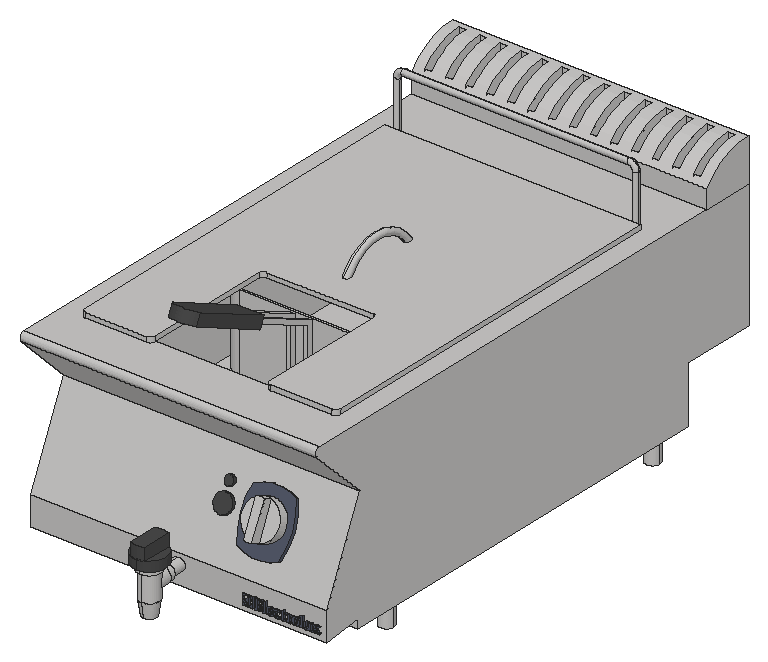
Revit family "QF_ELECTROLUXPROFESSIONAL_371075_E7FRED1B00", category Specialty Equipment, Revit 2018
Family settings
  Round Connector Dimension = Use Diameter
  Part Type = Normal
  Work Plane-Based = No
  Always vertical = Yes
  Cut with Voids When Loaded = No
  Shared = No
  Room Calculation Point = No
Parameters
  Width = 400 mm  # constant formula
  Weight in Pounds = 66  # constant formula
  Watts = 5400 VA  # 5400 W
  Volts = 400 V  # constant formula
  URL Cutsheet = "www.electrolux.com/foodservice"
  URL = "www.electrolux.com/foodservice"
  Type Mark [instance] = ""
  Status [instance] = ""
  Specification by User [instance] = ""
  Specification by Manufacturer = ""
  Show Logo [instance] = yes
  Show Clearance [instance] = yes
  Serial Number = ""
  Seismic Rating = ""
  SMACNA No = ""
  Revision Code [instance] = ""
  Phase = 3  # constant formula
  Omniclass Number and Title = ""
  Number of Poles [instance] = 1
  NAFEM Spec ID Number = ""
  Model = "371075"
  Min Ckt Ampacity = 0 A
  Max Overcurrent Protection = 0 A
  Masterspec = ""
  Manufacturer = "ELECTROLUX"
  Item Number [instance] = ""
  Installed By [instance] = ""
  Identify Quantity as Lot [instance] = yes
  Height = 333 mm  # constant formula
  HP = "7.2 HP"
  Furnished By [instance] = ""
  Foodservice Equipment Identifier [instance] = yes
  FL Amps = if(Phase = 3, Watts / (Volts * 1.73), Watts / Volts)  # 7.80347 A
  Electrical Remarks [instance] = "400 V/3N ph/50/60 Hz"  # constant formula
  Electric Connection Type [instance] = ""
  Elec Conn RI Height [instance] = 0 mm
  Elec Conn Connection Height [instance] = 0 mm
  Direct Waste Size = 0"
  Description = "700XP One 7 Lt. Well Electric Fryer Top - 400V"
  Depth = 730 mm  # constant formula
  Cycle = if([60 Hertz Option], 60 Hz, 50 Hz)  # 60 Hz
  Conn Plug = ""
  Conn Conduit = yes
  CSI MasterFormat = ""
  CSI Master Format = ""
  Base Height [instance] = 25.4 mm  # constant formula
  Apparent Power = if(Phase = 3, Volts * FL Amps * 1.73, Volts * FL Amps)  # 5400 VA
  60 Hertz Option = not([50 Hertz Option])  # yes
  50 Hertz Option = no
Reference planes
  plane 1 "BACK": y = 0
  plane 2: z = 0
  plane 3 "LEFT": x = 0
  plane 4 "RIGHT": x = 400
  plane 5 "FRONT": y = -730
  plane 6 "TOP": z = 333
  plane 7 "Center Y": x = 200
  plane 8 "Center X": y = -365
  plane 9 "BASE": z = 25.4
  plane 10 "TOP A": z = 274.638
  plane 11: y = -597.884
  plane 12: y = -147.637
Forms (mm)
  Extrusion 1, solid, material "QF_Finishes_Stainless Steel"
    sketch origin (0, 0, 0) x (0, 1, 0) y (0, 0, 1)
      loop
        line (0, 274.638) -> (-725.027, 274.638)
        arc (-725.027, 274.638) -> (-730.893, 270.718) -> (-729.517, 263.797) r 6.35
        line (-729.517, 263.797) -> (-657.416, 191.447) -> (-713.522, 70.59) -> (-713.522, 32.49) -> (-660.4, 38.1) -> (-660.4, 25.4) -> (-101.6, 25.4) -> (-101.6, 103.188) -> (0, 103.188) -> (0, 274.638)
    from 0 to 400
  Extrusion 2, solid, material "QF_Finishes_Stainless Steel"
    sketch origin (0, 0, 0) x (0, 1, 0) y (0, 0, 1)
      loop
        line (0, 274.638) -> (0, 333)
        arc (0, 333) -> (-38.795, 324.72) -> (-69.85, 300.038) r 86.758
        line (-69.85, 300.038) -> (-69.85, 274.638) -> (0, 274.638)
    from 0 to 400
  Extrusion 3, void
    sketch origin (0, 0, 274.638) x (-1, 0, 0) y (0, -1, 0)
      loop
        line (-33.338, 147.762) -> (-33.338, 655.762) -> (-366.662, 655.762) -> (-366.662, 147.762) -> (-33.338, 147.762)
    from 0 to -152.4
  Extrusion 4, solid, material "QF_Finishes_Stainless Steel"
    sketch origin (0, 0, 274.638) x (-1, 0, 0) y (0, -1, 0)
      loop
        arc (-26.988, 655.762) -> (-28.847, 660.252) -> (-33.338, 662.112) r 6.35
        line (-33.338, 662.112) -> (-115.863, 662.112)
        arc (-115.863, 662.112) -> (-120.353, 660.252) -> (-122.213, 655.762) r 6.35
        line (-122.213, 655.762) -> (-122.213, 481.137)
        arc (-122.213, 481.137) -> (-124.072, 476.646) -> (-128.563, 474.787) r 6.35
        line (-128.563, 474.787) -> (-271.412, 474.787)
        arc (-271.412, 474.787) -> (-275.903, 476.646) -> (-277.762, 481.137) r 6.35
        line (-277.762, 481.137) -> (-277.762, 655.762)
        arc (-277.762, 655.762) -> (-279.622, 660.252) -> (-284.112, 662.112) r 6.35
        line (-284.112, 662.112) -> (-366.662, 662.112)
        arc (-366.662, 662.112) -> (-371.153, 660.252) -> (-373.012, 655.762) r 6.35
        line (-373.012, 655.762) -> (-373.012, 147.762) -> (-26.988, 147.762) -> (-26.988, 655.762)
    from 0 to 6.35
  Sweep 5, solid, material "QF_Finishes_Stainless Steel"
    path origin (200, 0, 0) x (0, 1, 0) y (0, 0, 1)
      loop
        arc (-323.261, 274.638) -> (-377.7, 308.416) -> (-432.139, 274.638) r 60.757
    profile origin (200, -377.7, 308.416) x (0, 0, -1) y (1, 0, 0)
      loop
        circle (0, 0) r 4.353
  Sweep 6, solid, material "QF_Finishes_Stainless Steel"
    path origin (0, 0, 0) x (1, 0, 0) y (0, 0, 1)
      loop
        line (39.688, 274.263) -> (39.688, 339.35)
        arc (39.688, 339.35) -> (41.547, 343.84) -> (46.038, 345.7) r 6.35
        line (46.038, 345.7) -> (352.25, 345.7)
        arc (352.25, 345.7) -> (356.74, 343.84) -> (358.6, 339.35) r 6.35
        line (358.6, 339.35) -> (358.6, 274.263)
    profile origin (39.688, 0, 306.806) x (-1, 0, 0) y (0, -1, 0)
      loop
        circle (2.09, 140.754) r 3.827
  Extrusion 7, void
    sketch origin (0, 0, 274.638) x (-1, 0, 0) y (0, -1, 0)
      loop
        line (-13.453, 6.761) -> (-13.453, 63.911) -> (-22.749, 63.911) -> (-22.749, 6.761) -> (-13.453, 6.761)
    from 25.4 to 63.5
  Extrusion 8, void
    sketch origin (400.05, 0, 274.638) x (1, 0, 0) y (0, 1, 0)
      loop
        line (-13.503, -6.761) -> (-22.799, -6.761) -> (-22.799, -63.911) -> (-13.503, -63.911) -> (-13.503, -6.761)
    from 25.4 to 63.5
  Extrusion 9, void
    sketch origin (27.988, 0, 274.638) x (-1, 0, 0) y (0, -1, 0)
      loop
        line (-13.453, 6.761) -> (-13.453, 63.911) -> (-22.749, 63.911) -> (-22.749, 6.761) -> (-13.453, 6.761)
    from 25.4 to 63.5
  Extrusion 10, void
    sketch origin (55.977, 0, 274.638) x (-1, 0, 0) y (0, -1, 0)
      loop
        line (-13.453, 6.761) -> (-13.453, 63.911) -> (-22.749, 63.911) -> (-22.749, 6.761) -> (-13.453, 6.761)
    from 25.4 to 63.5
  Extrusion 11, void
    sketch origin (83.965, 0, 274.638) x (-1, 0, 0) y (0, -1, 0)
      loop
        line (-13.428, 6.761) -> (-13.428, 63.911) -> (-22.724, 63.911) -> (-22.724, 6.761) -> (-13.428, 6.761)
    from 25.4 to 63.5
  Extrusion 12, void
    sketch origin (111.953, 0, 274.638) x (-1, 0, 0) y (0, -1, 0)
      loop
        line (-13.428, 6.761) -> (-13.428, 63.911) -> (-22.724, 63.911) -> (-22.724, 6.761) -> (-13.428, 6.761)
    from 25.4 to 63.5
  Extrusion 13, void
    sketch origin (139.942, 0, 274.638) x (-1, 0, 0) y (0, -1, 0)
      loop
        line (-13.428, 6.761) -> (-13.428, 63.911) -> (-22.724, 63.911) -> (-22.724, 6.761) -> (-13.428, 6.761)
    from 25.4 to 63.5
  Extrusion 14, void
    sketch origin (167.93, 0, 274.638) x (-1, 0, 0) y (0, -1, 0)
      loop
        line (-13.428, 6.761) -> (-13.428, 63.911) -> (-22.724, 63.911) -> (-22.724, 6.761) -> (-13.428, 6.761)
    from 25.4 to 63.5
  Extrusion 15, void
    sketch origin (195.918, 0, 274.638) x (-1, 0, 0) y (0, -1, 0)
      loop
        line (-13.428, 6.761) -> (-13.428, 63.911) -> (-22.724, 63.911) -> (-22.724, 6.761) -> (-13.428, 6.761)
    from 25.4 to 63.5
  Extrusion 16, void
    sketch origin (223.907, 0, 274.638) x (-1, 0, 0) y (0, -1, 0)
      loop
        line (-13.428, 6.761) -> (-13.428, 63.911) -> (-22.724, 63.911) -> (-22.724, 6.761) -> (-13.428, 6.761)
    from 25.4 to 63.5
  Extrusion 17, void
    sketch origin (251.895, 0, 274.638) x (-1, 0, 0) y (0, -1, 0)
      loop
        line (-13.428, 6.761) -> (-13.428, 63.911) -> (-22.724, 63.911) -> (-22.724, 6.761) -> (-13.428, 6.761)
    from 25.4 to 63.5
  Extrusion 18, void
    sketch origin (279.884, 0, 274.638) x (-1, 0, 0) y (0, -1, 0)
      loop
        line (-13.403, 6.761) -> (-13.403, 63.911) -> (-22.699, 63.911) -> (-22.699, 6.761) -> (-13.403, 6.761)
    from 25.4 to 63.5
  Extrusion 19, void
    sketch origin (307.872, 0, 274.638) x (-1, 0, 0) y (0, -1, 0)
      loop
        line (-13.403, 6.761) -> (-13.403, 63.911) -> (-22.699, 63.911) -> (-22.699, 6.761) -> (-13.403, 6.761)
    from 25.4 to 63.5
  Extrusion 20, void
    sketch origin (335.86, 0, 274.638) x (-1, 0, 0) y (0, -1, 0)
      loop
        line (-13.403, 6.761) -> (-13.403, 63.911) -> (-22.699, 63.911) -> (-22.699, 6.761) -> (-13.403, 6.761)
    from 25.4 to 63.5
  Extrusion 21, solid, material "QF_Finishes_Stainless Steel"
    sketch origin (0, 0, 0) x (1, 0, 0) y (0, 1, 0)
      loop
        circle (11.112, -147.638) r 9.525
      loop
        circle (11.112, -597.884) r 9.525
      loop
        circle (388.887, -147.638) r 9.525
      loop
        circle (388.887, -597.884) r 9.525
    from 0 to 25.4
  Revolve 22, solid, material "QF_Finishes_Stainless Steel"
    sketch origin (200.025, 0, 0) x (0, 1, 0) y (0, 0, 1)
      loop
        line (-762.926, 17.277) -> (-753.917, 17.277) -> (-750.301, 37.788) -> (-750.301, 74.129) -> (-747.023, 74.129) -> (-747.023, 82.008) -> (-740.673, 82.008) -> (-740.673, 94.708) -> (-762.926, 94.708) -> (-762.926, 17.277)
      axis (-762.926, 17.277) -> (-762.926, 94.708)
    angle from 0 to 360
  Revolve 23, solid, material "QF_Finishes_Stainless Steel"
    sketch origin (200.025, 0, 0) x (0, 1, 0) y (0, 0, 1)
      loop
        line (-713.522, 57.15) -> (-764.322, 57.15) -> (-764.322, 44.847) -> (-742.357, 44.847) -> (-742.357, 46.549) -> (-733.364, 46.549) -> (-733.364, 48.596) -> (-713.522, 48.596) -> (-713.522, 57.15)
      axis (-764.322, 57.15) -> (-713.522, 57.15)
    angle from 0 to 360
  Extrusion 24, solid, material "QF_Finishes_Black"
    sketch origin (200.025, -762.926, 94.708) x (0, 1, 0) y (-1, 0, 0)
      loop
        line (20.063, 9.626) -> (-20.063, 9.626)
        arc (-20.063, 9.626) -> (-22.253, 0) -> (-20.063, -9.626) r 22.253
        line (-20.063, -9.626) -> (20.063, -9.626)
        arc (20.063, -9.626) -> (22.253, 0) -> (20.063, 9.626) r 22.253
    from 0 to 16.412
  Extrusion 25, solid, material "QF_Finishes_Stainless Steel"
    sketch origin (0, -101.6, 103.188) x (0, 0, -1) y (-1, 0, 0)
      loop
        circle (43.882, -336.5) r 12.7
    from 0 to 12.7
  Extrusion 26, solid, material "QF_Finishes_Clearance", visible <- "Show Clearance", detail levels coarse
    sketch origin (0, 0, 0) x (1, 0, 0) y (0, 1, 0)
      loop
        line (0, -731.377) -> (0, 0) -> (400, 0) -> (400, -731.377) -> (550.019, -731.377) -> (550.019, 150.019) -> (-150.019, 150.019) -> (-150.019, -731.377) -> (0, -731.377)
    from 0 to 333
  Extrusion 27, solid, material "QF_Finishes_Black"
    sketch origin (265.962, -708.83, 366.66) x (0, 0.906308, -0.422618) y (-1, 0, 0)
      loop
        line (10.103, 47.345) -> (128.716, 47.345) -> (128.716, 84.58) -> (10.103, 84.58)
        arc (10.103, 84.58) -> (-0.124, 65.962) -> (10.103, 47.345) r 22.059
    from -15.884 to 0
  Extrusion 28, solid, material "QF_Finishes_Stainless Steel"
    sketch origin (265.962, 41.275, 0) x (0, 1, 0) y (0, 0, 1)
      loop
        line (-547.91, 165.638) -> (-547.91, 267.115) -> (-635.463, 307.942) -> (-638.147, 302.187) -> (-554.26, 263.07) -> (-554.26, 165.638) -> (-547.91, 165.638)
    from -80.476 to -74.619
  Extrusion 29, solid, material "QF_Finishes_Stainless Steel"
    sketch origin (134.088, 41.275, 0) x (0, 1, 0) y (0, 0, -1)
      loop
        line (-554.26, -263.07) -> (-638.147, -302.187) -> (-635.463, -307.942) -> (-547.91, -267.115) -> (-547.91, -165.638) -> (-554.26, -165.638) -> (-554.26, -263.07)
    from -80.476 to -74.619
  Extrusion 30, solid, material "QF_Finishes_Mesh"
    sketch origin (0, 0, 274.638) x (-1, 0, 0) y (0, -1, 0)
      loop
        arc (-116.6, 189.135) -> (-98.64, 196.575) -> (-91.2, 214.535) r 25.4
        line (-91.2, 214.535) -> (-91.2, 481.11)
        arc (-91.2, 481.11) -> (-98.64, 499.071) -> (-116.6, 506.51) r 25.4
        line (-116.6, 506.51) -> (-294.375, 506.51)
        arc (-294.375, 506.51) -> (-312.336, 499.071) -> (-319.775, 481.11) r 25.4
        line (-319.775, 481.11) -> (-319.775, 214.535)
        arc (-319.775, 214.535) -> (-312.336, 196.575) -> (-294.375, 189.135) r 25.4
        line (-294.375, 189.135) -> (-116.6, 189.135)
      loop
        arc (-116.6, 192.31) -> (-100.885, 198.82) -> (-94.375, 214.535) r 22.225
        line (-94.375, 214.535) -> (-94.375, 481.11)
        arc (-94.375, 481.11) -> (-100.885, 496.826) -> (-116.6, 503.335) r 22.225
        line (-116.6, 503.335) -> (-294.375, 503.335)
        arc (-294.375, 503.335) -> (-310.091, 496.826) -> (-316.6, 481.11) r 22.225
        line (-316.6, 481.11) -> (-316.6, 214.535)
        arc (-316.6, 214.535) -> (-310.091, 198.82) -> (-294.375, 192.31) r 22.225
        line (-294.375, 192.31) -> (-116.6, 192.31)
    from -109 to -5.315
  Extrusion 31, solid, material "QF_Finishes_Navy Blue", visible <- "Show Logo"
    sketch origin (0, -713.772, 32.49) x (0, 0, 1) y (-1, 0, 0)
      loop
        line (20.674, -296.698) -> (8.307, -296.698)
        arc (8.307, -296.698) -> (14.491, -301.27) -> (20.674, -296.698) r 6.467
      loop
        arc (20.674, -296.069) -> (19.505, -290.926) -> (14.849, -288.448) r 6.338
        line (14.849, -288.448) -> (14.849, -290.494)
        arc (14.849, -290.494) -> (16.333, -294.149) -> (19.778, -296.069) r 5.941
        line (19.778, -296.069) -> (20.674, -296.069)
      loop
        arc (9.203, -296.069) -> (12.648, -294.149) -> (14.132, -290.494) r 5.941
        line (14.132, -290.494) -> (14.132, -288.448)
        arc (14.132, -288.448) -> (9.438, -290.922) -> (8.148, -296.069) r 6.504
        line (8.148, -296.069) -> (9.203, -296.069)
      loop
        line (21.349, -287.979) -> (7.604, -287.979) -> (7.604, -301.742) -> (21.349, -301.742) -> (21.349, -287.979)
      loop
        arc (21.432, -304.71) -> (21.085, -304.352) -> (20.718, -304.69) r 0.358
        arc (20.718, -304.69) -> (20.404, -305.44) -> (19.687, -305.825) r 1.216
        line (19.687, -305.825) -> (9.274, -305.825)
        arc (9.274, -305.825) -> (8.614, -305.548) -> (8.218, -304.951) r 1.238
        arc (8.218, -304.951) -> (7.823, -304.7) -> (7.518, -305.054) r 0.358
        line (7.518, -305.054) -> (7.518, -314.933) -> (10.269, -314.933) -> (10.269, -314.036)
        arc (10.269, -314.036) -> (9.36, -313.456) -> (8.904, -312.479) r 1.928
        line (8.904, -312.479) -> (8.904, -309.98)
        arc (8.904, -309.98) -> (9.18, -309.251) -> (9.868, -308.887) r 1.101
        line (9.868, -308.887) -> (13.955, -308.887) -> (13.955, -312.561)
        arc (13.955, -312.561) -> (13.602, -313.058) -> (13.037, -313.286) r 1.083
        arc (13.037, -313.286) -> (12.773, -313.591) -> (13.065, -313.869) r 0.292
        line (13.065, -313.869) -> (16.028, -313.869)
        arc (16.028, -313.869) -> (16.33, -313.596) -> (16.092, -313.266) r 0.305
        arc (16.092, -313.266) -> (15.601, -313.018) -> (15.296, -312.561) r 1.083
        line (15.296, -312.561) -> (15.296, -308.887) -> (19.973, -308.887) -> (19.973, -312.635)
        arc (19.973, -312.635) -> (19.759, -313.39) -> (19.153, -313.888) r 1.314
        arc (19.153, -313.888) -> (18.934, -314.292) -> (19.288, -314.585) r 0.361
        line (19.288, -314.585) -> (21.432, -314.585) -> (21.432, -304.71)
      loop
        arc (20.715, -315.365) -> (20.335, -316.284) -> (19.416, -316.664) r 1.299
        line (19.416, -316.664) -> (9.837, -316.664)
        arc (9.837, -316.664) -> (8.999, -316.286) -> (8.728, -315.408) r 1.118
        line (8.728, -315.408) -> (7.518, -315.408) -> (7.518, -320.758) -> (8.706, -320.758)
        arc (8.706, -320.758) -> (8.978, -319.841) -> (9.848, -319.445) r 1.153
        line (9.848, -319.445) -> (21.92, -319.445) -> (20.715, -315.365)
      loop
        line (12.483, -323.394) -> (12.483, -329.842) -> (13.282, -329.842)
        arc (13.282, -329.842) -> (15.862, -328.857) -> (17.131, -326.404) r 3.874
        line (17.131, -326.404) -> (17.131, -324.643)
        arc (17.131, -324.643) -> (15.944, -321.778) -> (13.08, -320.592) r 4.051
        line (13.08, -320.592) -> (11.072, -320.592)
        arc (11.072, -320.592) -> (8.253, -322.077) -> (7.202, -325.084) r 4.352
        arc (7.202, -325.084) -> (7.566, -327.547) -> (8.943, -329.621) r 5.713
        line (8.943, -329.621) -> (9.892, -329.621)
        arc (9.892, -329.621) -> (9.16, -328.052) -> (8.943, -326.334) r 5.579
        arc (8.943, -326.334) -> (9.737, -324.371) -> (11.616, -323.394) r 3.057
        line (11.616, -323.394) -> (12.483, -323.394)
      loop
        line (13.742, -323.394) -> (13.742, -326.977)
        arc (13.742, -326.977) -> (15.199, -327.024) -> (16.082, -325.864) r 1.59
        line (16.082, -325.864) -> (16.082, -325.034)
        arc (16.082, -325.034) -> (15.217, -323.779) -> (13.742, -323.394) r 2.184
      loop
        arc (16.533, -339.259) -> (17.022, -337.585) -> (17.179, -335.848) r 9.023
        line (17.179, -335.848) -> (17.179, -334.486)
        arc (17.179, -334.486) -> (16.02, -331.686) -> (13.22, -330.527) r 3.959
        line (13.22, -330.527) -> (10.62, -330.527)
        arc (10.62, -330.527) -> (8.338, -331.819) -> (7.221, -334.192) r 4.331
        line (7.221, -334.192) -> (7.221, -336.327)
        arc (7.221, -336.327) -> (7.729, -337.877) -> (8.651, -339.223) r 5.772
        arc (8.651, -339.223) -> (9.412, -339.274) -> (9.499, -338.515) r 0.553
        arc (9.499, -338.515) -> (9.111, -337.781) -> (8.977, -336.962) r 2.573
        line (8.977, -336.962) -> (8.977, -335.447)
        arc (8.977, -335.447) -> (9.983, -333.806) -> (11.798, -333.163) r 2.884
        line (11.798, -333.163) -> (13.077, -333.163)
        arc (13.077, -333.163) -> (14.898, -333.723) -> (15.824, -335.388) r 2.554
        line (15.824, -335.388) -> (15.824, -336.441)
        arc (15.824, -336.441) -> (15.493, -337.369) -> (14.836, -338.104) r 2.564
        arc (14.836, -338.104) -> (14.614, -338.821) -> (15.223, -339.259) r 0.643
        line (15.223, -339.259) -> (16.533, -339.259)
      loop
        line (15.515, -339.53) -> (15.515, -341.031) -> (9.467, -341.031)
        arc (9.467, -341.031) -> (7.879, -341.688) -> (7.221, -343.276) r 2.246
        line (7.221, -343.276) -> (7.221, -344.86)
        arc (7.221, -344.86) -> (7.535, -345.725) -> (8.035, -346.496) r 4.06
        arc (8.035, -346.496) -> (8.768, -346.629) -> (9.019, -345.928) r 0.576
        arc (9.019, -345.928) -> (8.913, -345.403) -> (8.977, -344.87) r 1.69
        arc (8.977, -344.87) -> (9.519, -344.082) -> (10.425, -343.779) r 1.506
        line (10.425, -343.779) -> (15.563, -343.779) -> (15.563, -346.176) -> (16.119, -346.733) -> (16.941, -346.733) -> (16.941, -343.873) -> (20.172, -343.873) -> (15.515, -339.53)
      loop
        line (7.438, -347.63) -> (7.438, -353.017) -> (8.548, -353.017)
        arc (8.548, -353.017) -> (8.942, -352.066) -> (9.893, -351.672) r 1.345
        line (9.893, -351.672) -> (13.509, -351.672)
        arc (13.509, -351.672) -> (14.274, -352.264) -> (14.564, -353.186) r 1.615
        line (14.564, -353.186) -> (14.564, -354.742) -> (17.119, -355.427) -> (17.119, -354.044) -> (15.177, -351.485) -> (17.057, -351.485) -> (16.773, -348.779)
        arc (16.773, -348.779) -> (16.333, -348.249) -> (15.674, -348.45) r 0.621
        arc (15.674, -348.45) -> (15.274, -348.792) -> (14.78, -348.975) r 1.501
        line (14.78, -348.975) -> (9.893, -348.975)
        arc (9.893, -348.975) -> (8.942, -348.581) -> (8.548, -347.63) r 1.345
        line (8.548, -347.63) -> (7.438, -347.63)
      loop
        line (13.54, -354.964) -> (10.848, -354.964)
        arc (10.848, -354.964) -> (8.403, -356.272) -> (7.269, -358.803) r 4.288
        arc (7.269, -358.803) -> (7.205, -360.183) -> (7.269, -361.563) r 15.022
        arc (7.269, -361.563) -> (8.403, -364.094) -> (10.848, -365.401) r 4.288
        line (10.848, -365.401) -> (13.54, -365.401)
        arc (13.54, -365.401) -> (15.986, -364.094) -> (17.119, -361.563) r 4.288
        arc (17.119, -361.563) -> (17.183, -360.183) -> (17.119, -358.803) r 15.022
        arc (17.119, -358.803) -> (15.986, -356.272) -> (13.54, -354.964) r 4.288
      loop
        line (13.745, -358.078) -> (10.643, -358.078)
        arc (10.643, -358.078) -> (8.486, -360.235) -> (10.643, -362.392) r 2.157
        line (10.643, -362.392) -> (13.745, -362.392)
        arc (13.745, -362.392) -> (15.902, -360.235) -> (13.745, -358.078) r 2.157
      loop
        arc (20.726, -365.26) -> (20.355, -366.154) -> (19.461, -366.524) r 1.264
        line (19.461, -366.524) -> (9.597, -366.524)
        arc (9.597, -366.524) -> (8.727, -366.127) -> (8.455, -365.211) r 1.153
        line (8.455, -365.211) -> (7.518, -365.211) -> (7.518, -370.319) -> (8.446, -370.319)
        arc (8.446, -370.319) -> (8.805, -369.547) -> (9.597, -369.232) r 1.153
        line (9.597, -369.232) -> (21.92, -369.232) -> (20.726, -365.26)
      loop
        arc (15.846, -369.857) -> (15.647, -370.921) -> (14.678, -371.403) r 1.215
        line (14.678, -371.403) -> (9.658, -371.403)
        arc (9.658, -371.403) -> (8.043, -372.051) -> (7.322, -373.634) r 2.338
        line (7.322, -373.634) -> (7.322, -375.148)
        arc (7.322, -375.148) -> (7.497, -376.152) -> (7.999, -377.038) r 2.979
        line (7.999, -377.038) -> (7.518, -378.835) -> (7.518, -380.524) -> (16.943, -380.524) -> (16.649, -376.32) -> (15.863, -376.32)
        arc (15.863, -376.32) -> (15.507, -377.156) -> (14.755, -377.665) r 1.605
        line (14.755, -377.665) -> (9.652, -377.665)
        arc (9.652, -377.665) -> (9.232, -376.728) -> (9.159, -375.704) r 2.94
        arc (9.159, -375.704) -> (9.72, -374.603) -> (10.873, -374.16) r 1.724
        line (10.873, -374.16) -> (17.07, -374.16) -> (15.846, -369.857)
      loop
        line (16.874, -381.377) -> (15.202, -383.423) -> (12.028, -385.729) -> (8.572, -382.617)
        arc (8.572, -382.617) -> (8.335, -382.223) -> (8.357, -381.764) r 0.789
        line (8.357, -381.764) -> (7.518, -381.764) -> (7.518, -385.309) -> (8.344, -385.309)
        arc (8.344, -385.309) -> (8.686, -384.947) -> (9.176, -385.039) r 0.52
        line (9.176, -385.039) -> (10.976, -386.51) -> (8.858, -387.886)
        arc (8.858, -387.886) -> (8.457, -387.576) -> (8.37, -387.076) r 0.7
        line (8.37, -387.076) -> (7.518, -387.076) -> (7.518, -393.003) -> (8.405, -393.003)
        arc (8.405, -393.003) -> (8.472, -392.344) -> (8.866, -391.813) r 1.247
        line (8.866, -391.813) -> (13.066, -388.532) -> (15.513, -390.585) -> (16.874, -392.327) -> (16.874, -388.604) -> (15.389, -389.026) -> (13.868, -387.749) -> (15.568, -386.559) -> (16.874, -387.336) -> (16.874, -381.377)
    from 0 to 1.644
  Extrusion 32, solid, material "QF_Finishes_Navy Blue"
    sketch origin (460.325, -713.522, 70.59) x (0, 0.421077, 0.907025) y (-1, 0, 0)
      loop
        arc (101.077, 132.565) -> (107.792, 161.14) -> (101.077, 189.715) r 64.16
        arc (101.077, 189.715) -> (66.2, 196.736) -> (31.333, 189.671) r 89.853
        arc (31.333, 189.671) -> (24.638, 161.14) -> (31.333, 132.61) r 64.14
        arc (31.333, 132.61) -> (66.2, 125.548) -> (101.077, 132.565) r 89.894
    from 0 to 3.175
  Extrusion 33, solid, material "QF_Finishes_Stainless Steel"
    sketch origin (460.325, -716.402, 71.927) x (0, 0.421077, 0.907025) y (-1, 0, 0)
      loop
        circle (68.826, 160.963) r 25.4
    from 0 to 12.7
  Extrusion 34, solid, material "QF_Finishes_Stainless Steel"
    sketch origin (460.325, -727.921, 77.275) x (0, 0.421077, 0.907025) y (-1, 0, 0)
      loop
        line (93.558, 166.749) -> (44.094, 166.749)
        arc (44.094, 166.749) -> (43.426, 160.963) -> (44.094, 155.177) r 25.4
        line (44.094, 155.177) -> (93.558, 155.177)
        arc (93.558, 155.177) -> (94.226, 160.963) -> (93.558, 166.749) r 25.4
    from 0 to 12.7
  Extrusion 35, solid, material "QF_Finishes_Black"
    sketch origin (400, -713.522, 70.59) x (0, 0.421077, 0.907025) y (-1, 0, 0)
      loop
        circle (93.566, 160.648) r 6.35
    from 0 to 3.175
  Extrusion 36, solid, material "QF_Finishes_Black"
    sketch origin (400, -713.522, 70.59) x (0, 0.421077, 0.907025) y (-1, 0, 0)
      loop
        circle (68.272, 160.648) r 12.7
    from 0 to 3.175
Cuts and joins
  Extrusion 3, Extrusion 7 cuts Extrusion 1
  joined: Extrusion 4, Sweep 5
  Extrusion 7, Extrusion 8, Extrusion 9, Extrusion 10, Extrusion 11, Extrusion 12, Extrusion 13, Extrusion 14, Extrusion 15, Extrusion 16, Extrusion 17, Extrusion 18, Extrusion 19, Extrusion 20 cuts Extrusion 2
Lines and regions (mm)
  symbolic lines, style "QF-Clearances", visible <- "Show Clearance", detail levels coarse
    curve 1: line (-150.019, 150.019, 274.638) -> (-150.019, -731.377, 274.638)
    curve 2: line (550.019, 150.019, 274.638) -> (-150.019, 150.019, 274.638)
    curve 3: line (550.019, -731.377, 274.638) -> (550.019, 150.019, 274.638)
  symbolic lines
    curve 4: line (0, 0, 274.638) -> (400, 0, 274.638)
    curve 5: line (0, -730, 274.638) -> (0, 0, 274.638)
    curve 6: line (400, 0, 274.638) -> (400, -730, 274.638)
    curve 7: line (22.724, -6.761, 274.638) -> (22.724, -63.911, 274.638)
    curve 8: line (22.724, -63.911, 274.638) -> (13.428, -63.911, 274.638)
    curve 9: line (13.428, -63.911, 274.638) -> (13.428, -6.761, 274.638)
    curve 10: line (13.428, -6.761, 274.638) -> (22.724, -6.761, 274.638)
    curve 11: line (386.547, -6.761, 274.638) -> (386.547, -63.911, 274.638)
    curve 12: line (386.547, -63.911, 274.638) -> (377.251, -63.911, 274.638)
    curve 13: line (377.251, -63.911, 274.638) -> (377.251, -6.761, 274.638)
    curve 14: line (377.251, -6.761, 274.638) -> (386.547, -6.761, 274.638)
    curve 15: line (50.712, -6.761, 274.638) -> (50.712, -63.911, 274.638)
    curve 16: line (50.712, -63.911, 274.638) -> (41.416, -63.911, 274.638)
    curve 17: line (41.416, -63.911, 274.638) -> (41.416, -6.761, 274.638)
    curve 18: line (41.416, -6.761, 274.638) -> (50.712, -6.761, 274.638)
    curve 19: line (78.7, -6.761, 274.638) -> (78.7, -63.911, 274.638)
    curve 20: line (78.7, -63.911, 274.638) -> (69.405, -63.911, 274.638)
    curve 21: line (69.405, -63.911, 274.638) -> (69.405, -6.761, 274.638)
    curve 22: line (69.405, -6.761, 274.638) -> (78.7, -6.761, 274.638)
    curve 23: line (106.689, -6.761, 274.638) -> (106.689, -63.911, 274.638)
    curve 24: line (106.689, -63.911, 274.638) -> (97.393, -63.911, 274.638)
    curve 25: line (97.393, -63.911, 274.638) -> (97.393, -6.761, 274.638)
    curve 26: line (97.393, -6.761, 274.638) -> (106.689, -6.761, 274.638)
    curve 27: line (134.677, -6.761, 274.638) -> (134.677, -63.911, 274.638)
    curve 28: line (134.677, -63.911, 274.638) -> (125.381, -63.911, 274.638)
    curve 29: line (125.381, -63.911, 274.638) -> (125.381, -6.761, 274.638)
    curve 30: line (125.381, -6.761, 274.638) -> (134.677, -6.761, 274.638)
    curve 31: line (162.665, -6.761, 274.638) -> (162.665, -63.911, 274.638)
    curve 32: line (162.665, -63.911, 274.638) -> (153.37, -63.911, 274.638)
    curve 33: line (153.37, -63.911, 274.638) -> (153.37, -6.761, 274.638)
    curve 34: line (153.37, -6.761, 274.638) -> (162.665, -6.761, 274.638)
    curve 35: line (190.654, -6.761, 274.638) -> (190.654, -63.911, 274.638)
    curve 36: line (190.654, -63.911, 274.638) -> (181.358, -63.911, 274.638)
    curve 37: line (181.358, -63.911, 274.638) -> (181.358, -6.761, 274.638)
    curve 38: line (181.358, -6.761, 274.638) -> (190.654, -6.761, 274.638)
    curve 39: line (218.642, -6.761, 274.638) -> (218.642, -63.911, 274.638)
    curve 40: line (218.642, -63.911, 274.638) -> (209.346, -63.911, 274.638)
    curve 41: line (209.346, -63.911, 274.638) -> (209.346, -6.761, 274.638)
    curve 42: line (209.346, -6.761, 274.638) -> (218.642, -6.761, 274.638)
    curve 43: line (246.605, -6.761, 274.638) -> (246.605, -63.911, 274.638)
    curve 44: line (246.605, -63.911, 274.638) -> (237.31, -63.911, 274.638)
    curve 45: line (237.31, -63.911, 274.638) -> (237.31, -6.761, 274.638)
    curve 46: line (237.31, -6.761, 274.638) -> (246.605, -6.761, 274.638)
    curve 47: line (274.594, -6.761, 274.638) -> (274.594, -63.911, 274.638)
    curve 48: line (274.594, -63.911, 274.638) -> (265.298, -63.911, 274.638)
    curve 49: line (265.298, -63.911, 274.638) -> (265.298, -6.761, 274.638)
    curve 50: line (265.298, -6.761, 274.638) -> (274.594, -6.761, 274.638)
    curve 51: line (302.582, -6.761, 274.638) -> (302.582, -63.911, 274.638)
    curve 52: line (302.582, -63.911, 274.638) -> (293.286, -63.911, 274.638)
    curve 53: line (293.286, -63.911, 274.638) -> (293.286, -6.761, 274.638)
    curve 54: line (293.286, -6.761, 274.638) -> (302.582, -6.761, 274.638)
    curve 55: line (330.57, -6.761, 274.638) -> (330.57, -63.911, 274.638)
    curve 56: line (330.57, -63.911, 274.638) -> (321.275, -63.911, 274.638)
    curve 57: line (321.275, -63.911, 274.638) -> (321.275, -6.761, 274.638)
    curve 58: line (321.275, -6.761, 274.638) -> (330.57, -6.761, 274.638)
    curve 59: line (358.559, -6.761, 274.638) -> (358.559, -63.911, 274.638)
    curve 60: line (358.559, -63.911, 274.638) -> (349.263, -63.911, 274.638)
    curve 61: line (349.263, -63.911, 274.638) -> (349.263, -6.761, 274.638)
    curve 62: line (349.263, -6.761, 274.638) -> (358.559, -6.761, 274.638)
    curve 63: line (26.988, -147.762, 274.638) -> (26.988, -655.762, 274.638)
    curve 64: arc (26.988, -655.762, 274.638) -> (28.847, -660.252, 274.638) -> (33.338, -662.112, 274.638) r 6.35
    curve 65: line (33.338, -662.112, 274.638) -> (115.863, -662.112, 274.638)
    curve 66: arc (115.863, -662.112, 274.638) -> (120.353, -660.252, 274.638) -> (122.213, -655.762, 274.638) r 6.35
    curve 67: line (122.213, -655.762, 274.638) -> (122.213, -481.012, 274.638)
    curve 68: arc (122.213, -481.012, 274.638) -> (124.072, -476.521, 274.638) -> (128.563, -474.662, 274.638) r 6.35
    curve 69: line (128.563, -474.662, 274.638) -> (271.412, -474.662, 274.638)
    curve 70: arc (271.412, -474.662, 274.638) -> (275.903, -476.521, 274.638) -> (277.762, -481.012, 274.638) r 6.35
    curve 71: line (277.762, -481.012, 274.638) -> (277.762, -655.762, 274.638)
    curve 72: arc (277.762, -655.762, 274.638) -> (279.622, -660.252, 274.638) -> (284.112, -662.112, 274.638) r 6.35
    curve 73: line (284.112, -662.112, 274.638) -> (366.662, -662.112, 274.638)
    curve 74: arc (366.662, -662.112, 274.638) -> (371.153, -660.252, 274.638) -> (373.012, -655.762, 274.638) r 6.35
    curve 75: line (373.012, -655.762, 274.638) -> (373.012, -147.762, 274.638)
    curve 76: line (373.012, -147.762, 274.638) -> (26.988, -147.762, 274.638)
    curve 77: line (31.725, -69.85, 274.638) -> (0, -69.85, 274.638)
    curve 78: line (0, -69.85, 274.638) -> (0, -120.65, 274.638)
    curve 79: line (0, -69.85, 274.638) -> (400, -69.85, 274.638)
    curve 80: line (201.587, -147.762, 274.638) -> (366.662, -147.762, 274.638)
    curve 81: line (33.338, -147.762, 274.638) -> (198.412, -147.762, 274.638)
    curve 82: line (218.617, -706.386, 274.638) -> (218.617, -592.174, 274.638)
    curve 83: line (181.383, -592.174, 274.638) -> (181.383, -706.386, 274.638)
    curve 84: line (218.617, -592.174, 274.638) -> (181.383, -592.174, 274.638)
    curve 85: spline (218.617, -706.386, 274.638) -> (216.385, -709.048, 274.638) -> (213.694, -711.336, 274.638) -> (210.621, -713.185, 274.638) -> (207.25, -714.544, 274.638) -> (203.676, -715.375, 274.638) -> (200, -715.655, 274.638) -> (196.324, -715.375, 274.638) -> (192.75, -714.544, 274.638) -> (189.379, -713.185, 274.638) -> (186.306, -711.336, 274.638) -> (183.615, -709.048, 274.638) -> (181.383, -706.386, 274.638)
    curve 86: line (218.617, -655.762, 274.638) -> (277.762, -655.762, 274.638)
    curve 87: line (181.383, -655.762, 274.638) -> (122.213, -655.762, 274.638)
    curve 88: line (191.318, -506.51, 274.638) -> (191.318, -592.174, 274.638)
    curve 89: line (185.462, -592.174, 274.638) -> (185.462, -506.51, 274.638)
    curve 90: line (214.538, -506.51, 274.638) -> (214.538, -592.174, 274.638)
    curve 91: line (208.682, -592.174, 274.638) -> (208.682, -506.51, 274.638)
    curve 92: spline (181.383, -699.673, 274.638) -> (183.615, -702.336, 274.638) -> (186.306, -704.623, 274.638) -> (189.379, -706.473, 274.638) -> (192.75, -707.832, 274.638) -> (196.324, -708.663, 274.638) -> (200, -708.942, 274.638) -> (203.676, -708.663, 274.638) -> (207.25, -707.832, 274.638) -> (210.621, -706.473, 274.638) -> (213.694, -704.623, 274.638) -> (216.385, -702.336, 274.638) -> (218.617, -699.673, 274.638)
    curve 93: line (195.545, -428.432, 274.638) -> (195.545, -326.969, 274.638)
    curve 94: line (204.443, -326.969, 274.638) -> (204.443, -428.432, 274.638)
    curve 95: arc (195.545, -428.432, 274.638) -> (199.994, -432.882, 274.638) -> (204.443, -428.432, 274.638) r 4.449
    curve 96: arc (195.545, -326.969, 274.638) -> (199.994, -322.52, 274.638) -> (204.443, -326.969, 274.638) r 4.449
    curve 97: line (400, -730, 274.638) -> (0, -730, 274.638)
    curve 98: line (37.598, -136.927, 274.638) -> (362.402, -136.927, 274.638)
    curve 99: line (37.598, -144.582, 274.638) -> (37.598, -136.927, 274.638)
    curve 100: line (362.402, -144.582, 274.638) -> (37.598, -144.582, 274.638)
    curve 101: line (362.402, -136.927, 274.638) -> (362.402, -144.582, 274.638)
    curve 102: line (122.213, -506.51, 274.638) -> (277.762, -506.51, 274.638)
    curve 103: line (122.213, -503.335, 274.638) -> (277.762, -503.335, 274.638)
    curve 104: arc (200, -785.179, 274.638) -> (222.253, -762.926, 274.638) -> (200, -740.673, 274.638) r 22.253
    curve 105: arc (200, -740.673, 274.638) -> (177.747, -762.926, 274.638) -> (200, -785.179, 274.638) r 22.253
    curve 106: line (190.374, -742.863, 274.638) -> (190.374, -782.989, 274.638)
    curve 107: line (209.626, -782.989, 274.638) -> (209.626, -742.863, 274.638)
    curve 108: line (210.947, -743.552, 274.638) -> (210.947, -730, 274.638)
    curve 109: line (189.208, -743.465, 274.638) -> (189.208, -730, 274.638)
Dimensions and locks
  equal spacing: plane 3 "LEFT", plane 7 "Center Y", plane 4 "RIGHT"
  "Width": plane 3 "LEFT" to plane 4 "RIGHT"
  equal spacing: plane 5 "FRONT", plane 8 "Center X", plane 1 "BACK"
  "Depth": plane 5 "FRONT" to plane 1 "BACK"
  "Height": plane 6 "TOP" to level
  "Base Height": plane 9 "BASE" to level
  plane 1 "BACK" to plane 5 "FRONT" = 730 mm
  plane 10 "TOP A" to plane 9 "BASE" = 249.238 mm
  aligned and locked: level to plane 2
  aligned and locked: plane 4 "RIGHT" to Extrusion 1
  aligned and locked: plane 4 "RIGHT" to Extrusion 2
  aligned and locked: plane 9 "BASE" to Extrusion 21
  aligned and locked: plane 6 "TOP" to Extrusion 26
Automatic sketch dimensions
  Extrusion 1 sketch curve to plane 10 "TOP A" = 0 mm
  Extrusion 1 sketch curve to plane 9 "BASE" = 0 mm
  Extrusion 1 sketch curve to plane 1 "BACK" = 0 mm
  Extrusion 1 sketch curve to plane 12 = 46.037 mm
  plane 11 to Extrusion 1 sketch curve = 59.531 mm
  plane 9 "BASE" to Extrusion 1 sketch curve = 12.7 mm
  plane 11 to Extrusion 1 sketch curve = 62.516 mm
  Extrusion 1 sketch curve to plane 5 "FRONT" = 16.478 mm
  Extrusion 1 sketch curve to plane 5 "FRONT" = 4.973 mm
  Extrusion 1 sketch curve to plane 5 "FRONT" = 0.483 mm
  plane 9 "BASE" to Extrusion 1 sketch curve = 7.09 mm
  Extrusion 1 sketch curve to Extrusion 1 sketch curve = 38.1 mm
  plane 9 "BASE" to Extrusion 1 sketch curve = 77.788 mm
  Extrusion 1 sketch curve to plane 10 "TOP A" = 83.191 mm
  Extrusion 1 sketch curve to plane 10 "TOP A" = 10.84 mm
  Extrusion 2 sketch curve to plane 10 "TOP A" = 0 mm
  Extrusion 2 sketch curve to plane 1 "BACK" = 0 mm
  Extrusion 2 sketch curve to plane 6 "TOP" = 0 mm
  plane 1 "BACK" to Extrusion 2 sketch curve = 1.769 mm
  plane 10 "TOP A" to Extrusion 2 sketch curve = 25.4 mm
  plane 1 "BACK" to Extrusion 2 sketch curve = 69.85 mm
  plane 12 to Extrusion 3 sketch curve = 0.124 mm
  Extrusion 3 sketch curve to plane 4 "RIGHT" = 33.338 mm
  plane 3 "LEFT" to Extrusion 3 sketch curve = 33.338 mm
  plane 11 to Extrusion 3 sketch curve = 57.877 mm
  plane 12 to Extrusion 4 sketch curve = 0.124 mm
  Extrusion 4 sketch curve to plane 4 "RIGHT" = 26.988 mm
  Extrusion 4 sketch curve to Extrusion 4 sketch curve = 6.35 mm  (x3)
  Extrusion 4 sketch curve to Extrusion 4 sketch curve = 82.55 mm
  plane 7 "Center Y" to Extrusion 4 sketch curve = 77.762 mm
  Extrusion 4 sketch curve to plane 7 "Center Y" = 71.437 mm
  Extrusion 4 sketch curve to plane 7 "Center Y" = 77.787 mm
  plane 3 "LEFT" to Extrusion 4 sketch curve = 33.338 mm
  plane 3 "LEFT" to Extrusion 4 sketch curve = 26.988 mm
  Extrusion 4 sketch curve to plane 8 "Center X" = 109.787 mm
  plane 11 to Extrusion 4 sketch curve = 57.877 mm  (x2)
  Sweep 5 sketch curve to plane 10 "TOP A" = 0 mm  (x2)
  Sweep 5 sketch curve to plane 8 "Center X" = 67.139 mm
  Sweep 5 sketch curve to plane 8 "Center X" = 12.7 mm
  Sweep 5 sketch curve to plane 10 "TOP A" = 26.978 mm
  Sweep 5 sketch curve to plane 7 "Center Y" = 0 mm
  Sweep 5 sketch curve to profile plane = 0 mm
  plane 6 "TOP" to Sweep 6 sketch curve = 6.35 mm  (x2)
  plane 3 "LEFT" to Sweep 6 sketch curve = 39.688 mm
  Sweep 6 sketch curve to Sweep 6 sketch curve = 6.35 mm
  Sweep 6 sketch curve to plane 4 "RIGHT" = 47.75 mm
  Sweep 6 sketch curve to plane 10 "TOP A" = 0.375 mm  (x2)
  Sweep 6 sketch curve to profile plane = 2.09 mm
  plane 1 "BACK" to Sweep 6 sketch curve = 140.754 mm
  plane 1 "BACK" to Extrusion 7 sketch curve = 6.761 mm
  plane 3 "LEFT" to Extrusion 7 sketch curve = 22.749 mm
  Extrusion 7 sketch curve to Extrusion 7 sketch curve = 9.296 mm
  Extrusion 7 sketch curve to Extrusion 7 sketch curve = 57.15 mm
  Extrusion 8 sketch curve to plane 1 "BACK" = 6.761 mm
  plane 4 "RIGHT" to Extrusion 8 sketch curve = 22.749 mm
  Extrusion 8 sketch curve to Extrusion 8 sketch curve = 9.296 mm
  Extrusion 8 sketch curve to Extrusion 8 sketch curve = 57.15 mm
  plane 1 "BACK" to Extrusion 9 sketch curve = 6.761 mm
  plane 3 "LEFT" to Extrusion 9 sketch curve = 50.737 mm
  Extrusion 9 sketch curve to Extrusion 9 sketch curve = 9.296 mm
  Extrusion 9 sketch curve to Extrusion 9 sketch curve = 57.15 mm
  plane 1 "BACK" to Extrusion 10 sketch curve = 6.761 mm
  plane 3 "LEFT" to Extrusion 10 sketch curve = 78.725 mm
  Extrusion 10 sketch curve to Extrusion 10 sketch curve = 9.296 mm
  Extrusion 10 sketch curve to Extrusion 10 sketch curve = 57.15 mm
  plane 1 "BACK" to Extrusion 11 sketch curve = 6.761 mm
  Extrusion 11 sketch curve to plane 7 "Center Y" = 93.311 mm
  Extrusion 11 sketch curve to Extrusion 11 sketch curve = 9.296 mm
  Extrusion 11 sketch curve to Extrusion 11 sketch curve = 57.15 mm
  plane 1 "BACK" to Extrusion 12 sketch curve = 6.761 mm
  Extrusion 12 sketch curve to plane 7 "Center Y" = 65.323 mm
  Extrusion 12 sketch curve to Extrusion 12 sketch curve = 9.296 mm
  Extrusion 12 sketch curve to Extrusion 12 sketch curve = 57.15 mm
  plane 1 "BACK" to Extrusion 13 sketch curve = 6.761 mm
  Extrusion 13 sketch curve to plane 7 "Center Y" = 37.335 mm
  Extrusion 13 sketch curve to Extrusion 13 sketch curve = 9.296 mm
  Extrusion 13 sketch curve to Extrusion 13 sketch curve = 57.15 mm
  Extrusion 14 sketch curve to plane 7 "Center Y" = 9.346 mm
  Extrusion 14 sketch curve to Extrusion 14 sketch curve = 9.296 mm
  plane 1 "BACK" to Extrusion 14 sketch curve = 6.761 mm
  Extrusion 14 sketch curve to Extrusion 14 sketch curve = 57.15 mm
  plane 1 "BACK" to Extrusion 15 sketch curve = 6.761 mm
  plane 7 "Center Y" to Extrusion 15 sketch curve = 18.642 mm
  Extrusion 15 sketch curve to Extrusion 15 sketch curve = 9.296 mm
  Extrusion 15 sketch curve to Extrusion 15 sketch curve = 57.15 mm
  plane 1 "BACK" to Extrusion 16 sketch curve = 6.761 mm
  plane 7 "Center Y" to Extrusion 16 sketch curve = 46.63 mm
  Extrusion 16 sketch curve to Extrusion 16 sketch curve = 9.296 mm
  Extrusion 16 sketch curve to Extrusion 16 sketch curve = 57.15 mm
  plane 1 "BACK" to Extrusion 17 sketch curve = 6.761 mm
  plane 7 "Center Y" to Extrusion 17 sketch curve = 74.619 mm
  Extrusion 17 sketch curve to Extrusion 17 sketch curve = 9.296 mm
  Extrusion 17 sketch curve to Extrusion 17 sketch curve = 57.15 mm
  plane 1 "BACK" to Extrusion 18 sketch curve = 6.761 mm
  Extrusion 18 sketch curve to plane 4 "RIGHT" = 97.418 mm
  Extrusion 18 sketch curve to Extrusion 18 sketch curve = 9.296 mm
  Extrusion 18 sketch curve to Extrusion 18 sketch curve = 57.15 mm
  plane 1 "BACK" to Extrusion 19 sketch curve = 6.761 mm
  Extrusion 19 sketch curve to plane 4 "RIGHT" = 69.43 mm
  Extrusion 19 sketch curve to Extrusion 19 sketch curve = 9.296 mm
  Extrusion 19 sketch curve to Extrusion 19 sketch curve = 57.15 mm
  plane 1 "BACK" to Extrusion 20 sketch curve = 6.761 mm
  Extrusion 20 sketch curve to plane 4 "RIGHT" = 41.441 mm
  Extrusion 20 sketch curve to Extrusion 20 sketch curve = 9.296 mm
  Extrusion 20 sketch curve to Extrusion 20 sketch curve = 57.15 mm
  plane 11 to Extrusion 21 sketch curve = 0 mm  (x2)
  plane 12 to Extrusion 21 sketch curve = 0 mm  (x2)
  plane 3 "LEFT" to Extrusion 21 sketch curve = 11.112 mm  (x2)
  Extrusion 21 sketch curve to plane 4 "RIGHT" = 11.113 mm  (x2)
  Revolve 22 sketch curve to plane 9 "BASE" = 8.123 mm
  plane 5 "FRONT" to Revolve 22 sketch curve = 32.926 mm
  Revolve 22 sketch curve to Revolve 22 sketch curve = 0 mm
  Revolve 22 sketch curve to Revolve 22 sketch curve = 9.009 mm
  plane 5 "FRONT" to Revolve 22 sketch curve = 20.301 mm
  Revolve 22 sketch curve to Revolve 22 sketch curve = 3.277 mm
  Revolve 22 sketch curve to Revolve 22 sketch curve = 6.35 mm
  plane 9 "BASE" to Revolve 22 sketch curve = 12.388 mm
  Revolve 22 sketch curve to Revolve 22 sketch curve = 36.341 mm
  Revolve 22 sketch curve to Revolve 22 sketch curve = 7.879 mm
  Revolve 22 sketch curve to Revolve 22 sketch curve = 12.7 mm  (x2)
  Revolve 22 sketch curve to Revolve 22 sketch curve = 15.064 mm
  plane 5 "FRONT" to Revolve 23 sketch curve = 34.322 mm
  plane 5 "FRONT" to Revolve 23 sketch curve = 12.357 mm
  plane 5 "FRONT" to Revolve 23 sketch curve = 3.364 mm
  Revolve 23 sketch curve to plane 5 "FRONT" = 16.478 mm
  Revolve 23 sketch curve to Revolve 23 sketch curve = 0 mm  (x2)
  Revolve 23 sketch curve to Revolve 23 sketch curve = 9.137 mm
  plane 9 "BASE" to Revolve 23 sketch curve = 19.447 mm
  Revolve 23 sketch curve to Revolve 23 sketch curve = 1.702 mm
  Revolve 23 sketch curve to Revolve 23 sketch curve = 2.047 mm
  Revolve 23 sketch curve to Revolve 23 sketch curve = 12.303 mm
  Extrusion 24 sketch curve to Revolve 22 = 9.626 mm
  Revolve 22 to Extrusion 24 sketch curve = 9.626 mm
  Extrusion 24 sketch curve to Extrusion 24 sketch curve = 0 mm
  Extrusion 1 to Extrusion 25 sketch curve = 33.906 mm
  Extrusion 1 to Extrusion 25 sketch curve = 63.5 mm
  plane 1 "BACK" to Extrusion 26 sketch curve = 0 mm
  Extrusion 26 sketch curve to plane 3 "LEFT" = 0 mm
  Extrusion 26 sketch curve to plane 4 "RIGHT" = 0 mm
  Extrusion 26 sketch curve to plane 3 "LEFT" = 150.019 mm
  plane 5 "FRONT" to Extrusion 26 sketch curve = 1.377 mm  (x2)
  plane 4 "RIGHT" to Extrusion 26 sketch curve = 150.019 mm
  Extrusion 26 sketch curve to plane 1 "BACK" = 150.019 mm
  curve 104 to curve 105 = 0 mm  (x2)
  curve 6 to plane 4 "RIGHT" = 0 mm
  plane 5 "FRONT" to curve 108 = 0 mm
  curve 104 to plane 7 "Center Y" = 0 mm
  curve 92 to plane 7 "Center Y" = 0 mm
  curve 85 to plane 7 "Center Y" = 0 mm
  curve 78 to plane 3 "LEFT" = 0 mm
  curve 79 to plane 3 "LEFT" = 0 mm
  plane 1 "BACK" to curve 5 = 0 mm
  plane 4 "RIGHT" to curve 3 = 150.019 mm
  curve 11 to plane 4 "RIGHT" = 13.453 mm
  curve 11 to curve 13 = 9.296 mm
  curve 75 to plane 4 "RIGHT" = 26.988 mm
  curve 74 to curve 73 = 6.35 mm
  plane 12 to curve 80 = 0.124 mm
  curve 75 to curve 80 = 6.35 mm
  curve 80 to curve 98 = 4.26 mm
  curve 12 to curve 59 = 18.693 mm
  curve 59 to curve 60 = 9.296 mm
  curve 60 to curve 56 = 18.693 mm
  curve 55 to curve 57 = 9.296 mm
  plane 1 "BACK" to curve 51 = 6.761 mm
  curve 57 to curve 51 = 18.693 mm
  curve 51 to curve 53 = 9.296 mm
  curve 74 to curve 72 = 82.55 mm
  curve 72 to curve 72 = 6.35 mm
  curve 52 to curve 47 = 18.693 mm
  curve 70 to curve 70 = 6.35 mm
  curve 47 to curve 50 = 9.296 mm
  plane 1 "BACK" to curve 46 = 6.761 mm
  curve 49 to curve 46 = 18.693 mm
  curve 43 to curve 44 = 9.296 mm
  plane 7 "Center Y" to curve 85 = 22.059 mm
  curve 92 to curve 85 = 0 mm
  plane 7 "Center Y" to curve 40 = 18.642 mm
  curve 85 to curve 82 = 3.442 mm
  curve 82 to curve 90 = 4.079 mm
  plane 7 "Center Y" to curve 108 = 10.947 mm
  plane 7 "Center Y" to curve 107 = 9.626 mm
  curve 39 to curve 41 = 9.296 mm
  curve 90 to curve 91 = 5.857 mm
  plane 7 "Center Y" to curve 96 = 4.443 mm
  plane 7 "Center Y" to curve 80 = 1.587 mm
  curve 95 to plane 7 "Center Y" = 0.006 mm
  plane 12 to curve 81 = 0.124 mm
  curve 81 to plane 7 "Center Y" = 1.588 mm
  curve 88 to plane 7 "Center Y" = 8.682 mm
  curve 36 to plane 7 "Center Y" = 9.346 mm
  curve 106 to plane 7 "Center Y" = 9.626 mm
  curve 109 to plane 7 "Center Y" = 10.792 mm
  curve 88 to curve 89 = 5.857 mm
  curve 89 to curve 83 = 4.079 mm
  curve 35 to curve 37 = 9.296 mm
  plane 1 "BACK" to curve 34 = 6.761 mm
  curve 37 to curve 34 = 18.693 mm
  curve 31 to curve 33 = 9.296 mm
  curve 32 to curve 27 = 18.693 mm
  curve 89 to curve 69 = 56.899 mm
  curve 27 to curve 30 = 9.296 mm
  curve 87 to curve 67 = 59.17 mm
  curve 67 to curve 65 = 6.35 mm
  plane 1 "BACK" to curve 26 = 6.761 mm
  curve 29 to curve 26 = 18.693 mm
  curve 23 to curve 25 = 9.296 mm
  curve 24 to curve 20 = 18.693 mm
  curve 19 to curve 21 = 9.296 mm
  curve 20 to curve 15 = 18.693 mm
  curve 15 to curve 18 = 9.296 mm
  curve 98 to plane 12 = 10.711 mm
  plane 3 "LEFT" to curve 98 = 37.598 mm
  plane 3 "LEFT" to curve 64 = 33.338 mm
  curve 99 to curve 81 = 4.26 mm
  curve 16 to curve 77 = 9.691 mm
  curve 64 to curve 63 = 6.35 mm
  plane 1 "BACK" to curve 7 = 6.761 mm
  curve 17 to curve 7 = 18.693 mm
  curve 7 to curve 9 = 9.296 mm
  plane 5 "FRONT" to curve 1 = 1.377 mm
  curve 1 to plane 3 "LEFT" = 150.019 mm
  curve 2 to plane 1 "BACK" = 150.019 mm
  plane 1 "BACK" to curve 61 = 6.761 mm
  plane 1 "BACK" to curve 58 = 6.761 mm
  plane 1 "BACK" to curve 11 = 6.761 mm
  plane 1 "BACK" to curve 15 = 6.761 mm
  plane 1 "BACK" to curve 50 = 6.761 mm
  plane 1 "BACK" to curve 19 = 6.761 mm
  plane 1 "BACK" to curve 42 = 6.761 mm
  plane 1 "BACK" to curve 27 = 6.761 mm
  plane 1 "BACK" to curve 38 = 6.761 mm
  curve 33 to curve 33 = 57.15 mm
  curve 29 to curve 32 = 0 mm
  curve 31 to curve 35 = 0 mm
  curve 25 to curve 28 = 0 mm
  curve 35 to curve 39 = 0 mm
  curve 21 to curve 24 = 0 mm
  curve 39 to curve 43 = 0 mm
  curve 17 to curve 20 = 0 mm
  curve 43 to curve 47 = 0 mm
  curve 13 to curve 13 = 57.15 mm
  curve 47 to curve 51 = 0 mm
  curve 9 to curve 16 = 0 mm
  curve 51 to curve 55 = 0 mm
  curve 55 to curve 61 = 0 mm
  curve 11 to curve 79 = 5.939 mm
  curve 7 to curve 77 = 5.939 mm
  curve 78 to plane 12 = 26.988 mm
  curve 100 to plane 12 = 3.056 mm
  plane 12 to curve 76 = 0.124 mm
  plane 8 "Center X" to curve 96 = 38.031 mm
  curve 95 to plane 8 "Center X" = 63.432 mm
  curve 94 to curve 70 = 46.229 mm
  curve 67 to curve 103 = 22.324 mm
  curve 70 to curve 91 = 25.499 mm
  curve 83 to plane 11 = 5.711 mm
  plane 11 to curve 86 = 57.877 mm
  curve 87 to curve 86 = 0 mm
  curve 87 to curve 92 = 33.188 mm
  curve 92 to curve 85 = 6.713 mm  (x2)
  curve 85 to curve 92 = 4.011 mm
  plane 5 "FRONT" to curve 3 = 1.377 mm
  plane 5 "FRONT" to curve 105 = 10.673 mm
  curve 104 to curve 107 = 2.19 mm
  Extrusion 27 sketch curve to plane 7 "Center Y" = 0 mm
  plane 7 "Center Y" to Extrusion 27 sketch curve = 18.617 mm
  Extrusion 27 sketch curve to plane 7 "Center Y" = 18.617 mm
  Extrusion 27 sketch curve to Extrusion 27 sketch curve = 11.832 mm
  Extrusion 27 sketch curve to Extrusion 27 sketch curve = 106.78 mm
  Extrusion 28 sketch curve to plane 11 = 1.013 mm
  Extrusion 28 sketch curve to plane 11 = 3.696 mm
  Extrusion 28 sketch curve to plane 10 "TOP A" = 11.567 mm
  Extrusion 28 sketch curve to plane 11 = 84.899 mm
  Extrusion 28 sketch curve to plane 10 "TOP A" = 7.522 mm
  Extrusion 28 sketch curve to Extrusion 28 sketch curve = 6.35 mm
  Extrusion 28 sketch curve to Extrusion 28 sketch curve = 97.432 mm
  Extrusion 29 sketch curve to plane 11 = 1.013 mm
  Extrusion 29 sketch curve to plane 11 = 3.696 mm
  Extrusion 29 sketch curve to plane 10 "TOP A" = 11.567 mm
  Extrusion 29 sketch curve to plane 11 = 84.899 mm
  Extrusion 29 sketch curve to Extrusion 29 sketch curve = 6.35 mm
  Extrusion 29 sketch curve to plane 10 "TOP A" = 7.522 mm
  Extrusion 29 sketch curve to Extrusion 29 sketch curve = 97.432 mm
  Extrusion 30 sketch curve to Extrusion 30 sketch curve = 0 mm  (x8)
  Extrusion 30 sketch curve to plane 4 "RIGHT" = 80.225 mm
  Extrusion 30 sketch curve to Extrusion 30 sketch curve = 3.175 mm
  Extrusion 30 sketch curve to Extrusion 30 sketch curve = 22.225 mm  (x3)
  plane 12 to Extrusion 30 sketch curve = 44.673 mm
  Extrusion 30 sketch curve to plane 7 "Center Y" = 83.4 mm  (x2)
  Extrusion 30 sketch curve to plane 8 "Center X" = 116.11 mm
  plane 9 "BASE" to Extrusion 31 sketch curve = 9.251 mm
  plane 9 "BASE" to Extrusion 31 sketch curve = 14.292 mm
  plane 9 "BASE" to Extrusion 31 sketch curve = 14.311 mm
  Extrusion 31 sketch curve to Extrusion 31 sketch curve = 0 mm  (x28)
  Extrusion 31 sketch curve to Extrusion 31 sketch curve = 5.108 mm  (x2)
  Extrusion 31 sketch curve to Extrusion 31 sketch curve = 0.054 mm
  Extrusion 31 sketch curve to Extrusion 31 sketch curve = 0.218 mm
  Extrusion 31 sketch curve to Extrusion 31 sketch curve = 0.195 mm
  Extrusion 31 sketch curve to Extrusion 31 sketch curve = 0.249 mm
  plane 9 "BASE" to Extrusion 31 sketch curve = 14.608 mm
  Extrusion 31 sketch curve to Extrusion 31 sketch curve = 0.087 mm
  Extrusion 31 sketch curve to Extrusion 31 sketch curve = 0.358 mm
  Extrusion 31 sketch curve to Extrusion 31 sketch curve = 0.481 mm
  Extrusion 31 sketch curve to Extrusion 31 sketch curve = 0.597 mm
  Extrusion 31 sketch curve to Extrusion 31 sketch curve = 0.544 mm
  Extrusion 31 sketch curve to Extrusion 31 sketch curve = 0.936 mm
  Extrusion 31 sketch curve to Extrusion 31 sketch curve = 0.594 mm
  Extrusion 31 sketch curve to Extrusion 31 sketch curve = 0.343 mm
  Extrusion 31 sketch curve to Extrusion 31 sketch curve = 0.159 mm
  Extrusion 31 sketch curve to Extrusion 31 sketch curve = 0.826 mm
  Extrusion 31 sketch curve to Extrusion 31 sketch curve = 0.839 mm
  Extrusion 31 sketch curve to Extrusion 31 sketch curve = 0.852 mm
  Extrusion 31 sketch curve to Extrusion 31 sketch curve = 0.887 mm
  Extrusion 31 sketch curve to Extrusion 31 sketch curve = 0.928 mm
  Extrusion 31 sketch curve to Extrusion 31 sketch curve = 0.938 mm
  Extrusion 31 sketch curve to Extrusion 31 sketch curve = 0.444 mm
  Extrusion 31 sketch curve to Extrusion 31 sketch curve = 1.11 mm  (x3)
  Extrusion 31 sketch curve to Extrusion 31 sketch curve = 0.215 mm
  Extrusion 31 sketch curve to Extrusion 31 sketch curve = 1.43 mm
  Extrusion 31 sketch curve to Extrusion 31 sketch curve = 1.188 mm
  Extrusion 31 sketch curve to Extrusion 31 sketch curve = 1.21 mm  (x2)
  Extrusion 31 sketch curve to Extrusion 31 sketch curve = 0.503 mm
  Extrusion 31 sketch curve to Extrusion 31 sketch curve = 0.488 mm
  Extrusion 31 sketch curve to plane 4 "RIGHT" = 8.187 mm
  Extrusion 31 sketch curve to Extrusion 31 sketch curve = 0.462 mm
  Extrusion 31 sketch curve to Extrusion 31 sketch curve = 1.386 mm
  Extrusion 31 sketch curve to Extrusion 31 sketch curve = 1.742 mm
  Extrusion 31 sketch curve to Extrusion 31 sketch curve = 0.821 mm
  Extrusion 31 sketch curve to Extrusion 31 sketch curve = 0.497 mm
  Extrusion 31 sketch curve to Extrusion 31 sketch curve = 0.539 mm
  Extrusion 31 sketch curve to Extrusion 31 sketch curve = 0.686 mm
  Extrusion 31 sketch curve to Extrusion 31 sketch curve = 0.408 mm
  Extrusion 31 sketch curve to Extrusion 31 sketch curve = 0.743 mm
  Extrusion 31 sketch curve to Extrusion 31 sketch curve = 1.16 mm
  Extrusion 31 sketch curve to Extrusion 31 sketch curve = 0.329 mm
  Extrusion 31 sketch curve to Extrusion 31 sketch curve = 1.054 mm
  Extrusion 31 sketch curve to Extrusion 31 sketch curve = 1.056 mm
  Extrusion 31 sketch curve to Extrusion 31 sketch curve = 0.129 mm
  Extrusion 31 sketch curve to Extrusion 31 sketch curve = 0.489 mm
  Extrusion 31 sketch curve to Extrusion 31 sketch curve = 0.441 mm
  Extrusion 31 sketch curve to Extrusion 31 sketch curve = 1.151 mm
  Extrusion 31 sketch curve to Extrusion 31 sketch curve = 1.141 mm  (x2)
  Extrusion 31 sketch curve to Extrusion 31 sketch curve = 0.768 mm
  Extrusion 31 sketch curve to Extrusion 31 sketch curve = 1.653 mm
  Extrusion 31 sketch curve to Extrusion 31 sketch curve = 0.499 mm
  Extrusion 31 sketch curve to Extrusion 31 sketch curve = 0.964 mm
  Extrusion 31 sketch curve to Extrusion 31 sketch curve = 0.949 mm
  Extrusion 31 sketch curve to Extrusion 31 sketch curve = 1.345 mm  (x3)
  Extrusion 31 sketch curve to Extrusion 31 sketch curve = 1.101 mm
  Extrusion 31 sketch curve to Extrusion 31 sketch curve = 0.432 mm
  Extrusion 31 sketch curve to Extrusion 31 sketch curve = 1.142 mm
  Extrusion 31 sketch curve to Extrusion 31 sketch curve = 0.959 mm
  Extrusion 31 sketch curve to Extrusion 31 sketch curve = 0.176 mm
  Extrusion 31 sketch curve to Extrusion 31 sketch curve = 0.728 mm
  Extrusion 31 sketch curve to Extrusion 31 sketch curve = 3.375 mm  (x2)
  Extrusion 31 sketch curve to Extrusion 31 sketch curve = 0.541 mm
  Extrusion 31 sketch curve to Extrusion 31 sketch curve = 0.955 mm
  Extrusion 31 sketch curve to Extrusion 31 sketch curve = 1.251 mm
  Extrusion 31 sketch curve to Extrusion 31 sketch curve = 0.572 mm
  Extrusion 31 sketch curve to Extrusion 31 sketch curve = 1.92 mm
  Extrusion 31 sketch curve to Extrusion 31 sketch curve = 1.224 mm
  Extrusion 31 sketch curve to Extrusion 31 sketch curve = 0.745 mm
  Extrusion 31 sketch curve to Extrusion 31 sketch curve = 2.537 mm
  Extrusion 31 sketch curve to Extrusion 31 sketch curve = 0.896 mm  (x3)
  Extrusion 31 sketch curve to Extrusion 31 sketch curve = 0.036 mm
  Extrusion 31 sketch curve to Extrusion 31 sketch curve = 2.607 mm
  Extrusion 31 sketch curve to Extrusion 31 sketch curve = 0.066 mm
  Extrusion 31 sketch curve to Extrusion 31 sketch curve = 0.248 mm
  Extrusion 31 sketch curve to Extrusion 31 sketch curve = 0.449 mm
  Extrusion 31 sketch curve to Extrusion 31 sketch curve = 1.052 mm
  Extrusion 31 sketch curve to Extrusion 31 sketch curve = 1.863 mm
  Extrusion 31 sketch curve to Extrusion 31 sketch curve = 1.31 mm  (x2)
  Extrusion 31 sketch curve to Extrusion 31 sketch curve = 0.901 mm
